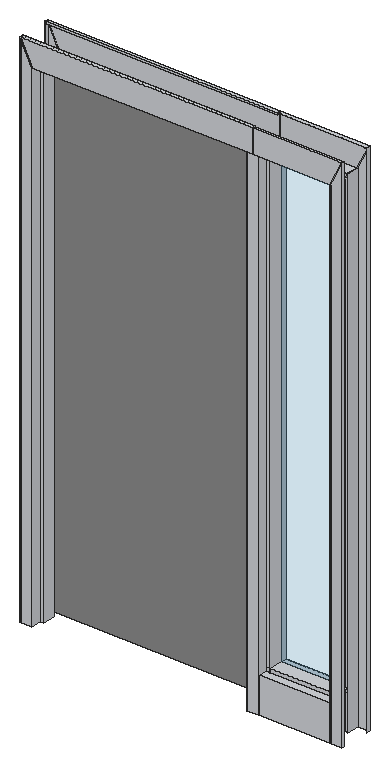
Revit family "Ext-F-MDMF-36 x 84 -18 LSLT-4 Head", category Doors, host Wall, Revit 2014
Parameters (values of type "Ext-F-MDMF-36" x 84"-18"LSLT-4" Head")
  Width = Door Panel Width  # 3' - 0"
  Wall Thickness [instance] = 0' - 5 3/4"
  URL = ""
  Type Comments = "EXT,"
  Thickness = 0' - 1 3/4"
  Swing Angle [instance] = 90.00°
  Sidelite Width = P1 Width - 0' 2"  # 1' - 0"
  SDI RO Spacing = 0' - 0"
  SDI Panel 1 Width = Leaf Width + 0' 0 3/16"  # 3' - 0"
  SDI No Panels = ""
  SDI Left Sidelite Width = Sidelite Width  # 1' - 0"
  SDI HW Set [instance] = ""
  SDI HW Item LO-2 [instance] = ""
  SDI HW Item LO-1 [instance] = ""
  SDI HW Item KP-2 [instance] = ""
  SDI HW Item KP-1 [instance] = ""
  SDI HW Item HI-2 [instance] = ""
  SDI HW Item HI-1 [instance] = ""
  SDI HW Item HC-2 [instance] = ""
  SDI HW Item HC-1 [instance] = ""
  SDI HW Item ED-2 [instance] = ""
  SDI HW Item ED-1 [instance] = ""
  SDI HW Item DO-2 [instance] = ""
  SDI HW Item DO-1 [instance] = ""
  SDI HW Item CL-2 [instance] = ""
  SDI HW Item CL-1 [instance] = ""
  SDI Glass Material = Glass
  SDI Frame Type = "Left Sidelite"
  SDI Frame Sill Width = 0' - 6"
  SDI Frame Material Type = "Hollow Metal"
  SDI Frame Material = Paint - Generic - Prime
  SDI Frame Manufacturer = ""
  SDI Frame Jamb Width = 0' - 2"
  SDI Frame Head Width = 0' - 4"
  SDI Frame Finish Type = "Painted"
  SDI Frame Finish Color = "Prime"
  SDI Frame Depth [instance] = 0' - 5 3/4"
  SDI Family Version = "1.0"
  SDI Door Panel Type = "F"
  SDI Door Material Type = "Hollow Metal"
  SDI Door Material = Paint - Generic - Prime
  SDI Door Manufacturer = ""
  SDI Door Finish Type = "Painted"
  SDI Door Finish Color = "Prime"
  SDI Door Configuration = "SG"
  SDI Arch Frame Type [instance] = ""
  SDI Arch Frame Material Type [instance] = "HM"
  SDI Arch Door Panel Type [instance] = "F"
  SDI Arch Door Material Type [instance] = "HM"
  SDI Adjacent Wall Placement = 0' - 4"
  Rough Width = Frame Width - 0' 0" + 2 * SDI RO Spacing  # 4' - 6"
  Rough Height = Frame Height - 0' 0" + SDI RO Spacing  # 7' - 4"
  R1 Height = 7' - 2"
  P2 Width = 3' - 2"
  P1 Width = 1' - 2"
  Model = "Ext-F-MDMF-36\" x 84\"-18\"LSLT-4\" Head"
  Manufacturer = ""
  Leaf Width = P2 Width - 0' 2 3/16"  # 2' - 11 13/16"
  Height = Door Panel Height  # 7' - 0"
  Glass Offset [instance] = 0' 2 1/16" + (SDI Frame Depth - 0' 5 3/4") / 2  # 0' - 2 1/16"
  Function = Exterior
  Frame Width = P1 Width + P2 Width + 0' 2"  # 4' - 6"
  Frame Offset [instance] = if(Aligned Exterior, SDI Frame Depth / 2, if(Aligned Center, Wall Thickness / 2, if(Aligned Interior, Wall Thickness - SDI Frame Depth + SDI Frame Depth / 2, Aligned Other)))  # 0' - 2 7/8"
  Frame Height = R1 Height + 0' 2"  # 7' - 4"
  Fire Rating = ""
  Exterior Glazing [instance] = no
  Door Panel Width = P2 Width - 0' 2"  # 3' - 0"
  Door Panel Height = R1 Height + 0' 2" - (0' 4")  # 7' - 0"
  Door Offset [instance] = 0' 2 13/16" + (SDI Frame Depth - 0' 5 3/4") / 2  # 0' - 2 13/16"
  Description = "Hollow Metal Door with Hollow Metal Frame"
  Cost = 0
  Assembly Code = "B2030220"
  Analytic Construction = "<None>"
  Aligned Other [instance] = 0' - 0"
  Aligned Interior [instance] = no
  Aligned Exterior [instance] = yes
  Aligned Center [instance] = no
  ADA Clearance Lines = no
Reference planes (in)
  plane 1: y = 0
  plane 2 "Center (Left/Right)": x = 0
  plane 3 "Wall Edge": y = 2.875
  plane 4 "Wall Interior": y = -2.875
  plane 5 "ModelRefLevel": z = 0
  plane 6 "FrameDepthPlane": y = 0
  plane 7 "FrameFront": y = 2.875
  plane 8 "FrameBack": y = -2.875
  plane 9 "V0": x = 26
  plane 10 "V1": x = 12
  plane 11 "V2": x = -26
  plane 12 "H0": z = 1
  plane 13 "H1": z = 87
  plane 14 "InTermLeftJamb0": x = 25
  plane 15 "OutTermLeftJamb0": x = 27
  plane 16 "OutsideJamb1": x = 11
  plane 17 "InsideJamb1": x = 13
  plane 18 "InTermRightJamb2": x = -25
  plane 19 "OutTermRightJamb2": x = -27
  plane 20 "D0.151041666666667": y = 1.0625
  plane 21 "D0.109375": y = 1.5625
  plane 22 "DoorLeft": x = 11
  plane 23 "DoorRight": x = -25
  plane 24 "DoorCenter": x = -7
  plane 25 "DoorTop": z = 83.875
  plane 26 "DoorCenterTB": z = 41.9375
  plane 27 "DoorExtFace": y = 2.8125
  plane 28 "DoorGlassFace": y = 2.0625
  plane 29 "LockCenterLine": z = 41.3125
  plane 30 "ActDoorRight": x = -24.90625
  plane 31 "SwingClrPlane": y = 62.875
  plane 32 "SwingPartialPlane": y = 50.875
  plane 33 "LeftAdjWall": x = 31
Forms (in)
  Extrusion 1, solid
    sketch origin (145.6875, 0, 44) x (-1, 0, 0) y (0, -1, 0)
      loop
        line (118.6875, -2.375) -> (118.6875, -2.875) -> (120.6875, -2.875) -> (120.6875, -0.9375) -> (121.3125, -0.9375) -> (121.3125, 1.3125) -> (120.6875, 1.3125) -> (120.6875, 2.875) -> (118.6875, 2.875) -> (118.6875, 2.4375) -> (118.75, 2.4375) -> (118.75, 2.8125) -> (120.625, 2.8125) -> (120.625, 1.25) -> (121.25, 1.25) -> (121.25, -0.875) -> (120.625, -0.875) -> (120.625, -2.8125) -> (118.75, -2.8125) -> (118.75, -2.375) -> (118.6875, -2.375)
    from -44 to 44
  Extrusion 2, void
    sketch origin (0, 2.875, 0) x (1, 0, 0) y (0, 0, 1)
      loop
        line (27, 88) -> (24.375, 88) -> (24.375, 82.75) -> (27, 88)
    from -12 to 12
  Extrusion 3, solid
    sketch origin (132, 0, 42) x (-1, 0, 0) y (0, -1, 0)
      loop
        line (119, -2.875) -> (121, -2.875) -> (121, -0.9375) -> (121.625, -0.9375) -> (121.625, 1.3125) -> (121, 1.3125) -> (121, 2.875) -> (119, 2.875) -> (119, 1.3125) -> (118.375, 1.3125) -> (118.375, -0.9375) -> (119, -0.9375) -> (119, -2.875)
      loop
        line (119.0625, -2.8125) -> (120.9375, -2.8125) -> (120.9375, -0.875) -> (121.5625, -0.875) -> (121.5625, 1.25) -> (120.9375, 1.25) -> (120.9375, 2.8125) -> (119.0625, 2.8125) -> (119.0625, 1.25) -> (118.4375, 1.25) -> (118.4375, -0.875) -> (119.0625, -0.875) -> (119.0625, -2.8125)
    from -42 to 42
  Extrusion 4, solid
    sketch origin (94.3125, 0, 44) x (-1, 0, 0) y (0, -1, 0)
      loop
        line (121.25, -2.375) -> (121.25, -2.8125) -> (119.375, -2.8125) -> (119.375, -0.875) -> (118.75, -0.875) -> (118.75, 1.25) -> (119.375, 1.25) -> (119.375, 2.8125) -> (121.25, 2.8125) -> (121.25, 2.4375) -> (121.3125, 2.4375) -> (121.3125, 2.875) -> (119.3125, 2.875) -> (119.3125, 1.3125) -> (118.6875, 1.3125) -> (118.6875, -0.9375) -> (119.3125, -0.9375) -> (119.3125, -2.875) -> (121.3125, -2.875) -> (121.3125, -2.375) -> (121.25, -2.375)
    from -44 to 44
  Extrusion 5, void
    sketch origin (0, 2.875, 0) x (1, 0, 0) y (0, 0, 1)
      loop
        line (-27, 88) -> (-24.375, 82.75) -> (-24.375, 88) -> (-27, 88)
    from -12 to 12
  Extrusion 6, solid
    sketch origin (19, 0, 3.3125) x (0, 1, 0) y (0, 0, 1)
      loop
        line (2.375, -3.3125) -> (2.875, -3.3125) -> (2.875, 2.6875) -> (0.9375, 2.6875) -> (0.9375, 3.3125) -> (-1.3125, 3.3125) -> (-1.3125, 2.6875) -> (-2.875, 2.6875) -> (-2.875, -3.3125) -> (-2.4375, -3.3125) -> (-2.4375, -3.25) -> (-2.8125, -3.25) -> (-2.8125, 2.625) -> (-1.25, 2.625) -> (-1.25, 3.25) -> (0.875, 3.25) -> (0.875, 2.625) -> (2.8125, 2.625) -> (2.8125, -3.25) -> (2.375, -3.25) -> (2.375, -3.3125)
    from -6 to 6
  Extrusion 7, solid
    sketch origin (19.5, 0, 85.6875) x (0, 1, 0) y (0, 0, 1)
      loop
        line (2.375, 2.25) -> (2.8125, 2.25) -> (2.8125, -1.625) -> (0.875, -1.625) -> (0.875, -2.25) -> (-1.25, -2.25) -> (-1.25, -1.625) -> (-2.8125, -1.625) -> (-2.8125, 2.25) -> (-2.4375, 2.25) -> (-2.4375, 2.3125) -> (-2.875, 2.3125) -> (-2.875, -1.6875) -> (-1.3125, -1.6875) -> (-1.3125, -2.3125) -> (0.9375, -2.3125) -> (0.9375, -1.6875) -> (2.875, -1.6875) -> (2.875, 2.3125) -> (2.375, 2.3125) -> (2.375, 2.25)
    from -7.5 to 7.5
  Extrusion 8, void
    sketch origin (0, 2.875, 0) x (1, 0, 0) y (0, 0, 1)
      loop
        line (27, 88) -> (24.6875, 83.375) -> (27, 83.375) -> (27, 88)
    from -12 to 12
  Extrusion 9, solid
    sketch origin (-7.5, 0, 85.6875) x (0, 1, 0) y (0, 0, 1)
      loop
        line (2.4375, 1.9375) -> (2.4375, 2.25) -> (2.8125, 2.25) -> (2.8125, -1.625) -> (0.875, -1.625) -> (0.875, -2.25) -> (-1.25, -2.25) -> (-1.25, -1.625) -> (-2.8125, -1.625) -> (-2.8125, 2.25) -> (-2.4375, 2.25) -> (-2.4375, 1.9375) -> (-2.375, 1.9375) -> (-2.375, 2.3125) -> (-2.875, 2.3125) -> (-2.875, -1.6875) -> (-1.3125, -1.6875) -> (-1.3125, -2.3125) -> (0.9375, -2.3125) -> (0.9375, -1.6875) -> (2.875, -1.6875) -> (2.875, 2.3125) -> (2.375, 2.3125) -> (2.375, 1.9375) -> (2.4375, 1.9375)
    from -19.5 to 19.5
  Extrusion 10, void
    sketch origin (0, 2.875, 0) x (1, 0, 0) y (0, 0, 1)
      loop
        line (-27, 88) -> (-27, 83.375) -> (-24.6875, 83.375) -> (-27, 88)
    from -12 to 12
  Extrusion 11, solid, material "Glass" <- "SDI Glass Material"
    sketch origin (-60, 1.0625, -12) x (1, 0, 0) y (0, 0, 1)
      loop
        line (85, 18) -> (85, 96) -> (73, 96) -> (73, 18) -> (85, 18)
    from -0.125 to 0.125
  Extrusion 12, solid, material "Glass" <- "SDI Glass Material", visible <- "Exterior Glazing"
    sketch origin (-60, 1.5625, -12) x (1, 0, 0) y (0, 0, 1)
      loop
        line (85, 18) -> (85, 96) -> (73, 96) -> (73, 18) -> (85, 18)
    from -0.125 to 0.125
  Extrusion 13, solid, material "Paint - Generic - Prime" <- "SDI Door Material"
    sketch origin (-60, 2.8125, -12) x (1, 0, 0) y (0, 0, 1)
      loop
        line (35.09375, 12.625) -> (70.90625, 12.625) -> (70.90625, 95.875) -> (35.09375, 95.875) -> (35.09375, 12.625)
    from 0 to 1.75
Cuts and joins
  Extrusion 2 cuts Extrusion 1
  Extrusion 5 cuts Extrusion 4
  Extrusion 8 cuts Extrusion 7
  Extrusion 10 cuts Extrusion 9
Lines and regions (in)
  Opening 1
    outline origin (-60, -2.875, 0) x (1, 0, 0) y (0, 0, 1)
      loop
        line (87, 0) -> (87, 88) -> (33, 88) -> (33, 0) -> (87, 0)
  symbolic lines, style "DoorsFrameMullionProjection", detail levels fine
    curve 1: line (27, 2.375, 0) -> (27, 2.875, 0)
    curve 2: line (27, 2.875, 0) -> (25, 2.875, 0)
    curve 3: line (25, 2.875, 0) -> (25, 0.9375, 0)
    curve 4: line (25, 0.9375, 0) -> (24.375, 0.9375, 0)
    curve 5: line (24.375, 0.9375, 0) -> (24.375, -1.3125, 0)
    curve 6: line (24.375, -1.3125, 0) -> (25, -1.3125, 0)
    curve 7: line (25, -1.3125, 0) -> (25, -2.875, 0)
    curve 8: line (25, -2.875, 0) -> (27, -2.875, 0)
    curve 9: line (27, -2.875, 0) -> (27, -2.4375, 0)
    curve 10: line (27, -2.4375, 0) -> (26.9375, -2.4375, 0)
    curve 11: line (26.9375, -2.4375, 0) -> (26.9375, -2.8125, 0)
    curve 12: line (26.9375, -2.8125, 0) -> (25.0625, -2.8125, 0)
    curve 13: line (25.0625, -2.8125, 0) -> (25.0625, -1.25, 0)
    curve 14: line (25.0625, -1.25, 0) -> (24.4375, -1.25, 0)
    curve 15: line (24.4375, -1.25, 0) -> (24.4375, 0.875, 0)
    curve 16: line (24.4375, 0.875, 0) -> (25.0625, 0.875, 0)
    curve 17: line (25.0625, 0.875, 0) -> (25.0625, 2.8125, 0)
    curve 18: line (25.0625, 2.8125, 0) -> (26.9375, 2.8125, 0)
    curve 19: line (26.9375, 2.8125, 0) -> (26.9375, 2.375, 0)
    curve 20: line (26.9375, 2.375, 0) -> (27, 2.375, 0)
    curve 25: line (13, 2.875, 0) -> (11, 2.875, 0)
    curve 26: line (11, 2.875, 0) -> (11, 0.9375, 0)
    curve 27: line (11, 0.9375, 0) -> (10.375, 0.9375, 0)
    curve 28: line (10.375, 0.9375, 0) -> (10.375, -1.3125, 0)
    curve 29: line (10.375, -1.3125, 0) -> (11, -1.3125, 0)
    curve 30: line (11, -1.3125, 0) -> (11, -2.875, 0)
    curve 31: line (11, -2.875, 0) -> (13, -2.875, 0)
    curve 32: line (13, -2.875, 0) -> (13, -1.3125, 0)
    curve 33: line (13, -1.3125, 0) -> (13.625, -1.3125, 0)
    curve 34: line (13.625, -1.3125, 0) -> (13.625, 0.9375, 0)
    curve 35: line (13.625, 0.9375, 0) -> (13, 0.9375, 0)
    curve 36: line (13, 0.9375, 0) -> (13, 2.875, 0)
    curve 37: line (12.9375, 2.8125, 0) -> (11.0625, 2.8125, 0)
    curve 38: line (11.0625, 2.8125, 0) -> (11.0625, 0.875, 0)
    curve 39: line (11.0625, 0.875, 0) -> (10.4375, 0.875, 0)
    curve 40: line (10.4375, 0.875, 0) -> (10.4375, -1.25, 0)
    curve 41: line (10.4375, -1.25, 0) -> (11.0625, -1.25, 0)
    curve 42: line (11.0625, -1.25, 0) -> (11.0625, -2.8125, 0)
    curve 43: line (11.0625, -2.8125, 0) -> (12.9375, -2.8125, 0)
    curve 44: line (12.9375, -2.8125, 0) -> (12.9375, -1.25, 0)
    curve 45: line (12.9375, -1.25, 0) -> (13.5625, -1.25, 0)
    curve 46: line (13.5625, -1.25, 0) -> (13.5625, 0.875, 0)
    curve 47: line (13.5625, 0.875, 0) -> (12.9375, 0.875, 0)
    curve 48: line (12.9375, 0.875, 0) -> (12.9375, 2.8125, 0)
    curve 53: line (-26.9375, 2.375, 0) -> (-26.9375, 2.8125, 0)
    curve 54: line (-26.9375, 2.8125, 0) -> (-25.0625, 2.8125, 0)
    curve 55: line (-25.0625, 2.8125, 0) -> (-25.0625, 0.875, 0)
    curve 56: line (-25.0625, 0.875, 0) -> (-24.4375, 0.875, 0)
    curve 57: line (-24.4375, 0.875, 0) -> (-24.4375, -1.25, 0)
    curve 58: line (-24.4375, -1.25, 0) -> (-25.0625, -1.25, 0)
    curve 59: line (-25.0625, -1.25, 0) -> (-25.0625, -2.8125, 0)
    curve 60: line (-25.0625, -2.8125, 0) -> (-26.9375, -2.8125, 0)
    curve 61: line (-26.9375, -2.8125, 0) -> (-26.9375, -2.4375, 0)
    curve 62: line (-26.9375, -2.4375, 0) -> (-27, -2.4375, 0)
    curve 63: line (-27, -2.4375, 0) -> (-27, -2.875, 0)
    curve 64: line (-27, -2.875, 0) -> (-25, -2.875, 0)
    curve 65: line (-25, -2.875, 0) -> (-25, -1.3125, 0)
    curve 66: line (-25, -1.3125, 0) -> (-24.375, -1.3125, 0)
    curve 67: line (-24.375, -1.3125, 0) -> (-24.375, 0.9375, 0)
    curve 68: line (-24.375, 0.9375, 0) -> (-25, 0.9375, 0)
    curve 69: line (-25, 0.9375, 0) -> (-25, 2.875, 0)
    curve 70: line (-25, 2.875, 0) -> (-27, 2.875, 0)
    curve 71: line (-27, 2.875, 0) -> (-27, 2.375, 0)
    curve 72: line (-27, 2.375, 0) -> (-26.9375, 2.375, 0)
  symbolic lines, style "DoorsFrameMullionProjection", detail levels coarse+medium
    curve 21: line (25, -2.875, 0) -> (27, -2.875, 0)
    curve 22: line (25, 2.875, 0) -> (27, 2.875, 0)
    curve 23: line (25, -2.875, 0) -> (25, 2.875, 0)
    curve 24: line (27, -2.875, 0) -> (27, 2.875, 0)
    curve 49: line (11, -2.875, 0) -> (13, -2.875, 0)
    curve 50: line (11, 2.875, 0) -> (13, 2.875, 0)
    curve 51: line (11, -2.875, 0) -> (11, 2.875, 0)
    curve 52: line (13, -2.875, 0) -> (13, 2.875, 0)
    curve 73: line (-27, -2.875, 0) -> (-25, -2.875, 0)
    curve 74: line (-27, 2.875, 0) -> (-25, 2.875, 0)
    curve 75: line (-27, -2.875, 0) -> (-27, 2.875, 0)
    curve 76: line (-25, -2.875, 0) -> (-25, 2.875, 0)
  symbolic lines, style "Elevation Swing"
    curve 77: line (10.90625, 2.875, 83.875) -> (-24.90625, 2.875, 41.9375)
    curve 78: line (10.90625, 2.875, 0) -> (-24.90625, 2.875, 41.9375)
  symbolic lines, style "ADA Clearance", visible <- "ADA Clearance Lines"
    curve 79: line (-27, 2.875, 0) -> (-27, 62.875, 0)
    curve 80: line (29, 62.875, 0) -> (-27, 62.875, 0)
    curve 81: line (29, 50.875, 0) -> (-27, 50.875, 0)
    curve 82: line (29, 2.875, 0) -> (29, 62.875, 0)
    curve 83: line (-27, -2.875, 0) -> (-27, -50.875, 0)
    curve 84: line (23, -50.875, 0) -> (-27, -50.875, 0)
    curve 85: line (23, -2.875, 0) -> (23, -50.875, 0)
Text (in)
  text "Placement Side" at (0, 40.15149, 123.01588), in view "Right"
  text "Placement Side" at (-70.3804, 28.46503, 0), in view "Ref. Level"
  text "Placement Side" at (0, 81.62555, 140.59947), in view "Left"
Dimensions and locks (in)
  locked: plane 3 "Wall Edge" to host wall
  equal spacing: host wall, plane 2 "Center (Left/Right)", host wall
  "Rough Width": host wall to host wall
  "Rough Height": level to host wall
  equal spacing: plane 3 "Wall Edge", plane 1, plane 4 "Wall Interior"
  "Wall Thickness": host wall to host wall
  "Frame Offset": plane 3 "Wall Edge" to plane 6 "FrameDepthPlane"
  equal spacing: plane 7 "FrameFront", plane 6 "FrameDepthPlane", plane 8 "FrameBack"
  "SDI Frame Depth": plane 7 "FrameFront" to plane 8 "FrameBack"
  equal spacing: plane 9 "V0", plane 2 "Center (Left/Right)", plane 11 "V2"
  "P1 Width": plane 9 "V0" to plane 10 "V1"
  "P2 Width": plane 10 "V1" to plane 11 "V2"
  "R1 Height": plane 12 "H0" to plane 13 "H1"
  locked: plane 13 "H1" to Extrusion 1 at 1
  locked: plane 12 "H0" to Extrusion 1 at 1
  locked: plane 9 "V0" to Extrusion 1 at 1  (x4)
  locked: plane 9 "V0" to Extrusion 1 at 0.9375  (x5)
  locked: plane 9 "V0" to Extrusion 1 at 1.5625
  locked: plane 9 "V0" to Extrusion 1 at 1.625
  locked: plane 9 "V0" to curve 1 at 1
  locked: plane 9 "V0" to curve 2 at 1
  locked: plane 9 "V0" to curve 3 at 1
  locked: plane 9 "V0" to curve 4 at 1
  locked: plane 9 "V0" to curve 5 at 1.625
  locked: plane 9 "V0" to curve 6 at 1.625
  locked: plane 9 "V0" to curve 7 at 1
  locked: plane 9 "V0" to curve 8 at 1
  locked: plane 9 "V0" to curve 9 at 1
  locked: plane 9 "V0" to curve 10 at 1
  locked: plane 9 "V0" to curve 11 at 0.9375
  locked: plane 9 "V0" to curve 12 at 0.9375
  locked: plane 9 "V0" to curve 13 at 0.9375
  locked: plane 9 "V0" to curve 14 at 0.9375
  locked: plane 9 "V0" to curve 15 at 1.5625
  locked: plane 9 "V0" to curve 16 at 1.5625
  locked: plane 9 "V0" to curve 17 at 0.9375
  locked: plane 9 "V0" to curve 18 at 0.9375
  locked: plane 9 "V0" to curve 19 at 0.9375
  locked: plane 9 "V0" to curve 20 at 0.9375
  locked: plane 9 "V0" to plane 15 "OutTermLeftJamb0" at 1
  locked: plane 9 "V0" to plane 14 "InTermLeftJamb0" at 1
  locked: plane 9 "V0" to curve 21 at 1
  locked: plane 9 "V0" to curve 22 at 1
  locked: plane 9 "V0" to curve 23 at 1
  locked: plane 9 "V0" to curve 24 at 1
  locked: plane 13 "H1" to Extrusion 3 at 3
  locked: plane 12 "H0" to Extrusion 3 at 1
  locked: plane 10 "V1" to Extrusion 3 at 1  (x5)
  locked: plane 10 "V1" to Extrusion 3 at 1.625  (x2)
  locked: plane 10 "V1" to Extrusion 3 at 0.9375  (x4)
  locked: plane 10 "V1" to Extrusion 3 at 1.5625  (x2)
  locked: plane 10 "V1" to curve 25 at 1
  locked: plane 10 "V1" to curve 26 at 1
  locked: plane 10 "V1" to curve 27 at 1
  locked: plane 10 "V1" to curve 28 at 1.625
  locked: plane 10 "V1" to curve 29 at 1.625
  locked: plane 10 "V1" to curve 30 at 1
  locked: plane 10 "V1" to curve 31 at 1
  locked: plane 10 "V1" to curve 32 at 1
  locked: plane 10 "V1" to curve 33 at 1
  locked: plane 10 "V1" to curve 34 at 1.625
  locked: plane 10 "V1" to curve 35 at 1.625
  locked: plane 10 "V1" to curve 36 at 1
  locked: plane 10 "V1" to curve 37 at 0.9375
  locked: plane 10 "V1" to curve 38 at 0.9375
  locked: plane 10 "V1" to curve 39 at 0.9375
  locked: plane 10 "V1" to curve 40 at 1.5625
  locked: plane 10 "V1" to curve 41 at 1.5625
  locked: plane 10 "V1" to curve 42 at 0.9375
  locked: plane 10 "V1" to curve 43 at 0.9375
  locked: plane 10 "V1" to curve 44 at 0.9375
  locked: plane 10 "V1" to curve 45 at 0.9375
  locked: plane 10 "V1" to curve 46 at 1.5625
  locked: plane 10 "V1" to curve 47 at 1.5625
  locked: plane 10 "V1" to curve 48 at 0.9375
  locked: plane 10 "V1" to plane 16 "OutsideJamb1" at 1
  locked: plane 10 "V1" to plane 17 "InsideJamb1" at 1
  locked: plane 10 "V1" to curve 49 at 1
  locked: plane 10 "V1" to curve 50 at 1
  locked: plane 10 "V1" to curve 51 at 1
  locked: plane 10 "V1" to curve 52 at 1
  locked: plane 13 "H1" to Extrusion 4 at 1
  locked: plane 12 "H0" to Extrusion 4 at 1
  locked: plane 11 "V2" to Extrusion 4 at 0.9375  (x4)
  locked: plane 11 "V2" to Extrusion 4 at 1  (x5)
  locked: plane 11 "V2" to Extrusion 4 at 1.625
  locked: plane 11 "V2" to Extrusion 4 at 1.5625
  locked: plane 11 "V2" to curve 53 at 0.9375
  locked: plane 11 "V2" to curve 54 at 0.9375
  locked: plane 11 "V2" to curve 55 at 0.9375
  locked: plane 11 "V2" to curve 56 at 0.9375
  locked: plane 11 "V2" to curve 57 at 1.5625
  locked: plane 11 "V2" to curve 58 at 1.5625
  locked: plane 11 "V2" to curve 59 at 0.9375
  locked: plane 11 "V2" to curve 60 at 0.9375
  locked: plane 11 "V2" to curve 61 at 0.9375
  locked: plane 11 "V2" to curve 62 at 0.9375
  locked: plane 11 "V2" to curve 63 at 1
  locked: plane 11 "V2" to curve 64 at 1
  locked: plane 11 "V2" to curve 65 at 1
  locked: plane 11 "V2" to curve 66 at 1
  locked: plane 11 "V2" to curve 67 at 1.625
  locked: plane 11 "V2" to curve 68 at 1.625
  locked: plane 11 "V2" to curve 69 at 1
  locked: plane 11 "V2" to curve 70 at 1
  locked: plane 11 "V2" to curve 71 at 1
  locked: plane 11 "V2" to curve 72 at 1
  locked: plane 11 "V2" to plane 18 "InTermRightJamb2" at 1
  locked: plane 11 "V2" to plane 19 "OutTermRightJamb2" at 1
  locked: plane 11 "V2" to curve 73 at 1
  locked: plane 11 "V2" to curve 74 at 1
  locked: plane 11 "V2" to curve 75 at 1
  locked: plane 11 "V2" to curve 76 at 1
  locked: plane 9 "V0" to Extrusion 6 at 1
  locked: plane 10 "V1" to Extrusion 6 at 1
  locked: plane 12 "H0" to Extrusion 6 at 5  (x2)
  locked: plane 12 "H0" to Extrusion 6 at 5.625
  locked: plane 12 "H0" to Extrusion 6 at 0.9375  (x2)
  locked: plane 12 "H0" to Extrusion 6 at 1  (x3)
  locked: plane 12 "H0" to Extrusion 6 at 4.9375  (x2)
  locked: plane 12 "H0" to Extrusion 6 at 5.5625
  locked: plane 9 "V0" to Extrusion 7 at 1
  locked: plane 13 "H1" to Extrusion 7 at 2.9375  (x2)
  locked: plane 13 "H1" to Extrusion 7 at 3.5625
  locked: plane 13 "H1" to Extrusion 7 at 1  (x2)
  locked: plane 13 "H1" to Extrusion 7 at 0.9375  (x3)
  locked: plane 13 "H1" to Extrusion 7 at 3  (x2)
  locked: plane 13 "H1" to Extrusion 7 at 3.625
  locked: plane 11 "V2" to Extrusion 9 at 1
  locked: plane 13 "H1" to Extrusion 9 at 2.9375  (x2)
  locked: plane 13 "H1" to Extrusion 9 at 3.5625
  locked: plane 13 "H1" to Extrusion 9 at 1  (x2)
  locked: plane 13 "H1" to Extrusion 9 at 0.9375  (x3)
  locked: plane 13 "H1" to Extrusion 9 at 0.625  (x2)
  locked: plane 13 "H1" to Extrusion 9 at 3  (x2)
  locked: plane 13 "H1" to Extrusion 9 at 3.625
  locked: plane 7 "FrameFront" to cut or joined group of Extrusion 1, Extrusion 2 at 1.9375
  locked: plane 7 "FrameFront" to cut or joined group of Extrusion 1, Extrusion 2 at 2
  locked: plane 7 "FrameFront" to cut or joined group of Extrusion 1, Extrusion 2 at 0.0625
  locked: plane 7 "FrameFront" to cut or joined group of Extrusion 1, Extrusion 2 at 0.5
  locked: plane 8 "FrameBack" to cut or joined group of Extrusion 1, Extrusion 2 at 1.5625
  locked: plane 8 "FrameBack" to cut or joined group of Extrusion 1, Extrusion 2 at 0.4375
  locked: plane 8 "FrameBack" to cut or joined group of Extrusion 1, Extrusion 2 at 0.0625
  locked: plane 8 "FrameBack" to cut or joined group of Extrusion 1, Extrusion 2 at 1.625
  locked: plane 7 "FrameFront" to Extrusion 3 at 1.9375  (x2)
  locked: plane 7 "FrameFront" to Extrusion 3 at 0.0625
  locked: plane 7 "FrameFront" to Extrusion 3 at 2  (x2)
  locked: plane 8 "FrameBack" to Extrusion 3 at 1.5625  (x2)
  locked: plane 8 "FrameBack" to Extrusion 3 at 1.625  (x2)
  locked: plane 8 "FrameBack" to Extrusion 3 at 0.0625
  locked: plane 7 "FrameFront" to cut or joined group of Extrusion 4, Extrusion 5 at 0.0625
  locked: plane 7 "FrameFront" to cut or joined group of Extrusion 4, Extrusion 5 at 2
  locked: plane 7 "FrameFront" to cut or joined group of Extrusion 4, Extrusion 5 at 1.9375
  locked: plane 7 "FrameFront" to cut or joined group of Extrusion 4, Extrusion 5 at 0.5
  locked: plane 8 "FrameBack" to cut or joined group of Extrusion 4, Extrusion 5 at 1.625
  locked: plane 8 "FrameBack" to cut or joined group of Extrusion 4, Extrusion 5 at 0.0625
  locked: plane 8 "FrameBack" to cut or joined group of Extrusion 4, Extrusion 5 at 0.4375
  locked: plane 8 "FrameBack" to cut or joined group of Extrusion 4, Extrusion 5 at 1.5625
  locked: plane 7 "FrameFront" to Extrusion 6 at 1.9375
  locked: plane 7 "FrameFront" to Extrusion 6 at 2
  locked: plane 7 "FrameFront" to Extrusion 6 at 0.0625
  locked: plane 7 "FrameFront" to Extrusion 6 at 0.5
  locked: plane 8 "FrameBack" to Extrusion 6 at 1.5625
  locked: plane 8 "FrameBack" to Extrusion 6 at 0.4375
  locked: plane 8 "FrameBack" to Extrusion 6 at 0.0625
  locked: plane 8 "FrameBack" to Extrusion 6 at 1.625
  locked: plane 7 "FrameFront" to cut or joined group of Extrusion 7, Extrusion 8 at 0.0625
  locked: plane 7 "FrameFront" to cut or joined group of Extrusion 7, Extrusion 8 at 2
  locked: plane 7 "FrameFront" to cut or joined group of Extrusion 7, Extrusion 8 at 1.9375
  locked: plane 7 "FrameFront" to cut or joined group of Extrusion 7, Extrusion 8 at 0.5
  locked: plane 8 "FrameBack" to cut or joined group of Extrusion 7, Extrusion 8 at 1.625
  locked: plane 8 "FrameBack" to cut or joined group of Extrusion 7, Extrusion 8 at 0.0625
  locked: plane 8 "FrameBack" to cut or joined group of Extrusion 7, Extrusion 8 at 0.4375
  locked: plane 8 "FrameBack" to cut or joined group of Extrusion 7, Extrusion 8 at 1.5625
  locked: plane 7 "FrameFront" to cut or joined group of Extrusion 9, Extrusion 10 at 0.0625
  locked: plane 7 "FrameFront" to cut or joined group of Extrusion 9, Extrusion 10 at 2
  locked: plane 7 "FrameFront" to cut or joined group of Extrusion 9, Extrusion 10 at 1.9375
  locked: plane 7 "FrameFront" to cut or joined group of Extrusion 9, Extrusion 10 at 0.5
  locked: plane 7 "FrameFront" to cut or joined group of Extrusion 9, Extrusion 10 at 0.4375
  locked: plane 8 "FrameBack" to cut or joined group of Extrusion 9, Extrusion 10 at 1.625
  locked: plane 8 "FrameBack" to cut or joined group of Extrusion 9, Extrusion 10 at 0.0625
  locked: plane 8 "FrameBack" to cut or joined group of Extrusion 9, Extrusion 10 at 0.4375
  locked: plane 8 "FrameBack" to cut or joined group of Extrusion 9, Extrusion 10 at 0.5
  locked: plane 8 "FrameBack" to cut or joined group of Extrusion 9, Extrusion 10 at 1.5625
  locked: plane 7 "FrameFront" to curve 4 at 1.9375
  locked: plane 7 "FrameFront" to curve 16 at 2
  locked: plane 7 "FrameFront" to curve 18 at 0.0625
  locked: plane 7 "FrameFront" to curve 20 at 0.5
  locked: plane 7 "FrameFront" to curve 27 at 1.9375
  locked: plane 7 "FrameFront" to curve 35 at 1.9375
  locked: plane 7 "FrameFront" to curve 37 at 0.0625
  locked: plane 7 "FrameFront" to curve 39 at 2
  locked: plane 7 "FrameFront" to curve 47 at 2
  locked: plane 7 "FrameFront" to curve 54 at 0.0625
  locked: plane 7 "FrameFront" to curve 56 at 2
  locked: plane 7 "FrameFront" to curve 68 at 1.9375
  locked: plane 7 "FrameFront" to curve 72 at 0.5
  locked: plane 8 "FrameBack" to curve 6 at 1.5625
  locked: plane 8 "FrameBack" to curve 10 at 0.4375
  locked: plane 8 "FrameBack" to curve 12 at 0.0625
  locked: plane 8 "FrameBack" to curve 14 at 1.625
  locked: plane 8 "FrameBack" to curve 29 at 1.5625
  locked: plane 8 "FrameBack" to curve 33 at 1.5625
  locked: plane 8 "FrameBack" to curve 41 at 1.625
  locked: plane 8 "FrameBack" to curve 43 at 0.0625
  locked: plane 8 "FrameBack" to curve 45 at 1.625
  locked: plane 8 "FrameBack" to curve 58 at 1.625
  locked: plane 8 "FrameBack" to curve 60 at 0.0625
  locked: plane 8 "FrameBack" to curve 62 at 0.4375
  locked: plane 8 "FrameBack" to curve 66 at 1.5625
  locked: plane 7 "FrameFront" to Extrusion 11 at 1.9375
  locked: plane 7 "FrameFront" to Extrusion 11 at 1.6875
  locked: plane 7 "FrameFront" to Extrusion 12 at 1.4375
  locked: plane 7 "FrameFront" to Extrusion 12 at 1.1875
  locked: plane 10 "V1" to plane 22 "DoorLeft" at 1
  locked: plane 11 "V2" to plane 23 "DoorRight" at 1
  locked: plane 13 "H1" to plane 25 "DoorTop" at 3.125
  equal spacing: plane 25 "DoorTop", plane 26 "DoorCenterTB", plane 5 "ModelRefLevel"
  "Door Offset": plane 6 "FrameDepthPlane" to plane 27 "DoorExtFace"
  "Glass Offset": plane 6 "FrameDepthPlane" to plane 28 "DoorGlassFace"
  locked: plane 29 "LockCenterLine" to plane 5 "ModelRefLevel" at 41.3125
  locked: Extrusion 13 to Extrusion 13 at 1.75
  locked: plane 22 "DoorLeft" to Extrusion 13 at 0.09375
  locked: plane 23 "DoorRight" to Extrusion 13 at 0.09375
  locked: plane 5 "ModelRefLevel" to Extrusion 13 at 0.625
  locked: plane 23 "DoorRight" to plane 30 "ActDoorRight" at 0.09375
  locked: plane 3 "Wall Edge" to plane 31 "SwingClrPlane" at 60
  locked: plane 3 "Wall Edge" to plane 32 "SwingPartialPlane" at 48
  "SDI Adjacent Wall Placement": plane 15 "OutTermLeftJamb0" to plane 33 "LeftAdjWall"
  aligned and locked: plane 4 "Wall Interior" to host wall
  aligned and locked: Extrusion 7 to plane 10 "V1"
  aligned and locked: plane 10 "V1" to Extrusion 9
  aligned and locked: cut or joined group of Extrusion 1, Extrusion 2 to plane 7 "FrameFront"
  aligned and locked: plane 8 "FrameBack" to cut or joined group of Extrusion 1, Extrusion 2
  aligned and locked: Extrusion 3 to plane 7 "FrameFront"
  aligned and locked: plane 8 "FrameBack" to Extrusion 3
  aligned and locked: cut or joined group of Extrusion 4, Extrusion 5 to plane 7 "FrameFront"
  aligned and locked: plane 8 "FrameBack" to cut or joined group of Extrusion 4, Extrusion 5
  aligned and locked: Extrusion 6 to plane 7 "FrameFront"
  aligned and locked: plane 8 "FrameBack" to Extrusion 6
  aligned and locked: cut or joined group of Extrusion 7, Extrusion 8 to plane 7 "FrameFront"
  aligned and locked: plane 8 "FrameBack" to cut or joined group of Extrusion 7, Extrusion 8
  aligned and locked: cut or joined group of Extrusion 9, Extrusion 10 to plane 7 "FrameFront"
  aligned and locked: plane 8 "FrameBack" to cut or joined group of Extrusion 9, Extrusion 10
  aligned and locked: curve 2 to plane 7 "FrameFront"
  aligned and locked: plane 7 "FrameFront" to curve 22
  aligned and locked: curve 25 to plane 7 "FrameFront"
  aligned and locked: plane 7 "FrameFront" to curve 50
  aligned and locked: curve 70 to plane 7 "FrameFront"
  aligned and locked: plane 7 "FrameFront" to curve 74
  aligned and locked: plane 8 "FrameBack" to curve 8
  aligned and locked: plane 8 "FrameBack" to curve 31
  aligned and locked: plane 8 "FrameBack" to curve 64
  aligned and locked: Extrusion 13 to plane 27 "DoorExtFace"
  aligned and locked: Extrusion 13 to plane 25 "DoorTop"
  aligned and locked: plane 7 "FrameFront" to nested 1
  aligned and locked: plane 30 "ActDoorRight" to nested 1
  aligned and locked: curve 80 to plane 31 "SwingClrPlane"
  aligned and locked: curve 81 to plane 32 "SwingPartialPlane"
Automatic sketch dimensions
  Opening 1 sketch curve to level = 0' - 0"
  Opening 1 sketch curve to plane 2 "Center (Left/Right)" = 2' - 3"
  plane 2 "Center (Left/Right)" to Opening 1 sketch curve = 2' - 3"
  level to Opening 1 sketch curve = 7' - 4"
  Extrusion 2 sketch curve to plane 9 "V0" = 0' - 1 5/8"
  plane 9 "V0" to Extrusion 2 sketch curve = 0' - 1"
  plane 13 "H1" to Extrusion 2 sketch curve = 0' - 4 1/4"
  Extrusion 2 sketch curve to plane 13 "H1" = 0' - 1"
  Extrusion 1 sketch curve to host wall = 0' - 0"
  host wall to Extrusion 1 sketch curve = 0' - 0"
  Extrusion 1 sketch curve to host wall = 0' - 0 1/2"
  plane 2 "Center (Left/Right)" to Extrusion 1 sketch curve = 2' - 3"  (x2)
  Extrusion 1 sketch curve to host wall = 0' - 0 7/16"
  Extrusion 1 sketch curve to Extrusion 1 sketch curve = 0' - 0 1/16"  (x7)
  plane 2 "Center (Left/Right)" to Extrusion 1 sketch curve = 2' - 1 1/16"  (x2)
  Extrusion 1 sketch curve to host wall = 0' - 0 1/16"  (x2)
  Extrusion 1 sketch curve to Extrusion 1 sketch curve = 0' - 0 9/16"
  Extrusion 1 sketch curve to host wall = 0' - 0 15/16"
  host wall to Extrusion 1 sketch curve = 0' - 1 1/4"
  plane 9 "V0" to curve 1 = 0' - 1"
  curve 3 to curve 4 = 0' - 0 5/8"
  curve 7 to plane 9 "V0" = 0' - 1"
  curve 9 to curve 10 = 0' - 0 1/16"
  curve 12 to curve 7 = 0' - 0 1/16"
  curve 14 to curve 5 = 0' - 0 1/16"
  curve 16 to curve 3 = 0' - 0 1/16"
  curve 1 to curve 18 = 0' - 0 1/16"
  Extrusion 3 sketch curve to host wall = 0' - 0"
  host wall to Extrusion 3 sketch curve = 0' - 0"
  plane 2 "Center (Left/Right)" to Extrusion 3 sketch curve = 1' - 1 5/8"
  Extrusion 3 sketch curve to Extrusion 3 sketch curve = 0' - 0 1/16"  (x10)
  plane 2 "Center (Left/Right)" to Extrusion 3 sketch curve = 1' - 1"
  Extrusion 3 sketch curve to Extrusion 3 sketch curve = 0' - 0 9/16"  (x2)
  Extrusion 3 sketch curve to host wall = 0' - 0 1/16"  (x2)
  plane 2 "Center (Left/Right)" to Extrusion 3 sketch curve = 0' - 11 1/16"  (x2)
  Extrusion 3 sketch curve to host wall = 0' - 0 15/16"  (x2)
  host wall to Extrusion 3 sketch curve = 0' - 1 1/4"  (x2)
  curve 29 to curve 28 = 0' - 0 5/8"
  curve 34 to curve 35 = 0' - 0 5/8"
  curve 37 to curve 25 = 0' - 0 1/16"
  curve 39 to curve 27 = 0' - 0 1/16"
  curve 41 to curve 29 = 0' - 0 1/16"
  curve 31 to curve 43 = 0' - 0 1/16"
  curve 33 to curve 45 = 0' - 0 1/16"
  curve 35 to curve 47 = 0' - 0 1/16"
  curve 50 to plane 17 "InsideJamb1" = 0' - 0"
  curve 51 to plane 16 "OutsideJamb1" = 0' - 0"
  Extrusion 5 sketch curve to plane 11 "V2" = 0' - 1"
  plane 11 "V2" to Extrusion 5 sketch curve = 0' - 1 5/8"
  plane 13 "H1" to Extrusion 5 sketch curve = 0' - 4 1/4"
  Extrusion 5 sketch curve to plane 13 "H1" = 0' - 1"
  host wall to Extrusion 4 sketch curve = 0' - 0"
  Extrusion 4 sketch curve to host wall = 0' - 0"
  Extrusion 4 sketch curve to plane 2 "Center (Left/Right)" = 2' - 0 3/8"
  Extrusion 4 sketch curve to Extrusion 4 sketch curve = 0' - 0 1/16"  (x7)
  Extrusion 4 sketch curve to Extrusion 4 sketch curve = 0' - 0 9/16"  (x2)
  Extrusion 4 sketch curve to host wall = 0' - 0 7/16"
  Extrusion 4 sketch curve to plane 2 "Center (Left/Right)" = 2' - 2 15/16"  (x2)
  Extrusion 4 sketch curve to host wall = 0' - 0 1/2"
  Extrusion 4 sketch curve to host wall = 0' - 0 1/16"  (x2)
  Extrusion 4 sketch curve to host wall = 0' - 0 15/16"
  host wall to Extrusion 4 sketch curve = 0' - 1 1/4"
  plane 11 "V2" to curve 54 = 0' - 0 15/16"
  curve 56 to curve 55 = 0' - 0 5/8"
  curve 60 to plane 11 "V2" = 0' - 0 15/16"
  curve 61 to curve 62 = 0' - 0 1/16"
  curve 65 to curve 58 = 0' - 0 1/16"
  curve 66 to curve 57 = 0' - 0 1/16"
  curve 68 to curve 55 = 0' - 0 1/16"
  curve 53 to curve 70 = 0' - 0 1/16"
  Extrusion 6 sketch curve to host wall = 0' - 0"  (x2)
  Extrusion 6 sketch curve to host wall = 0' - 0 1/16"  (x2)
  Extrusion 6 sketch curve to Extrusion 6 sketch curve = 0' - 0 3/8"
  host wall to Extrusion 6 sketch curve = 0' - 1 5/16"
  Extrusion 6 sketch curve to Extrusion 6 sketch curve = 0' - 0 1/16"  (x7)
  Extrusion 6 sketch curve to host wall = 0' - 0 7/8"
  Extrusion 6 sketch curve to Extrusion 6 sketch curve = 0' - 0 1/2"
  Extrusion 6 sketch curve to level = 0' - 0"  (x2)
  Extrusion 6 sketch curve to plane 12 "H0" = 0' - 4 15/16"  (x2)
  Extrusion 6 sketch curve to Extrusion 6 sketch curve = 0' - 0 9/16"
  Extrusion 8 sketch curve to plane 15 "OutTermLeftJamb0" = 0' - 0"
  Extrusion 8 sketch curve to plane 14 "InTermLeftJamb0" = 0' - 0 5/16"
  plane 13 "H1" to Extrusion 8 sketch curve = 0' - 3 5/8"
  Extrusion 8 sketch curve to plane 13 "H1" = 0' - 1"
  Extrusion 7 sketch curve to host wall = 0' - 0"  (x2)
  Extrusion 7 sketch curve to host wall = 0' - 0 1/16"  (x2)
  Extrusion 7 sketch curve to Extrusion 7 sketch curve = 0' - 0 3/8"
  host wall to Extrusion 7 sketch curve = 0' - 1 5/16"
  Extrusion 7 sketch curve to Extrusion 7 sketch curve = 0' - 0 1/16"  (x7)
  Extrusion 7 sketch curve to host wall = 0' - 0 7/8"
  Extrusion 7 sketch curve to host wall = 0' - 0 1/2"
  level to Extrusion 7 sketch curve = 6' - 11 3/8"
  Extrusion 7 sketch curve to Extrusion 7 sketch curve = 0' - 0 9/16"  (x2)
  Extrusion 7 sketch curve to plane 12 "H0" = 7' - 2 15/16"  (x2)
  Extrusion 10 sketch curve to plane 19 "OutTermRightJamb2" = 0' - 0"
  plane 18 "InTermRightJamb2" to Extrusion 10 sketch curve = 0' - 0 5/16"
  plane 13 "H1" to Extrusion 10 sketch curve = 0' - 3 5/8"
  Extrusion 10 sketch curve to plane 13 "H1" = 0' - 1"
  Extrusion 9 sketch curve to host wall = 0' - 0"  (x2)
  Extrusion 9 sketch curve to host wall = 0' - 0 1/16"  (x2)
  Extrusion 9 sketch curve to host wall = 0' - 0 7/16"
  Extrusion 9 sketch curve to Extrusion 9 sketch curve = 0' - 0 1/16"  (x9)
  host wall to Extrusion 9 sketch curve = 0' - 1 5/16"
  Extrusion 9 sketch curve to host wall = 0' - 0 7/8"
  Extrusion 9 sketch curve to host wall = 0' - 0 1/2"
  level to Extrusion 9 sketch curve = 6' - 11 3/8"
  Extrusion 9 sketch curve to Extrusion 9 sketch curve = 0' - 0 5/8"
  level to Extrusion 9 sketch curve = 7' - 0"
  Extrusion 9 sketch curve to plane 12 "H0" = 7' - 2 5/8"  (x2)
  Extrusion 9 sketch curve to Extrusion 9 sketch curve = 0' - 0 5/16"  (x2)
  Extrusion 11 sketch curve to plane 17 "InsideJamb1" = 0' - 0"
  Extrusion 11 sketch curve to plane 14 "InTermLeftJamb0" = 0' - 0"
  Extrusion 11 sketch curve to plane 12 "H0" = 0' - 5"
  plane 13 "H1" to Extrusion 11 sketch curve = 0' - 3"
  Extrusion 12 sketch curve to plane 17 "InsideJamb1" = 0' - 0"
  Extrusion 12 sketch curve to plane 14 "InTermLeftJamb0" = 0' - 0"
  Extrusion 12 sketch curve to plane 12 "H0" = 0' - 5"
  plane 13 "H1" to Extrusion 12 sketch curve = 0' - 3"
  Extrusion 13 sketch curve to plane 25 "DoorTop" = 0' - 0"
  plane 18 "InTermRightJamb2" to Extrusion 13 sketch curve = 0' - 0 3/32"
  Extrusion 13 sketch curve to plane 16 "OutsideJamb1" = 0' - 0 3/32"
  plane 12 "H0" to Extrusion 13 sketch curve = 0' - 0 3/8"
  curve 77 to plane 25 "DoorTop" = 0' - 0"
  curve 77 to plane 16 "OutsideJamb1" = 0' - 0 3/32"
  curve 78 to plane 26 "DoorCenterTB" = 0' - 0"
  curve 78 to plane 30 "ActDoorRight" = 0' - 0"
  curve 78 to level = 0' - 0"
  curve 78 to plane 16 "OutsideJamb1" = 0' - 0 3/32"
  curve 79 to host wall = 0' - 0"
  plane 15 "OutTermLeftJamb0" to curve 80 = 0' - 2"
  curve 81 to plane 19 "OutTermRightJamb2" = 0' - 0"
  curve 82 to host wall = 0' - 0"
  curve 83 to plane 19 "OutTermRightJamb2" = 0' - 0"
  host wall to curve 83 = 0' - 0"
  host wall to curve 83 = 4' - 0"
  curve 84 to plane 14 "InTermLeftJamb0" = 0' - 2"
  host wall to curve 85 = 0' - 0"
Nested families (in)
  nested 1: "SingleDoorPlanLines" at (-24.90625, 2.875, 0.625) x (-1, 0, 0) z (0, 0, 1), type "SingleDoorPlanLines"
Definition of nested family "SingleDoorPlanLines"
  Parameters (values of type "SingleDoorPlanLines")
    Width = 3' - 0"
    URL = ""
    Thickness = 0' - 1 3/4"
    Analytic Construction = "<None>"
    Swing Angle = 90.00°
  Reference planes (in)
    plane 1 "Front": y = 0
    plane 2: z = 0
    plane 3 "Right": x = 0
    plane 4 "Left": x = -36
  Lines and regions (in)
    symbolic lines, style "DoorsPanelProjection"
      curve 1: line (0, 0, 0) -> (0, 36, 0)
      curve 2: line (0, 36, 0) -> (-1.75, 36, 0)
      curve 3: line (-1.75, 36, 0) -> (-1.75, 0, 0)
      curve 4: line (-1.75, 0, 0) -> (0, 0, 0)
    model lines, style "InvisibleLines", not visible
      curve 5: line (0, 0, 0) -> (-38.99851, -0.34033, 0)
    symbolic lines, style "Plan Swing"
      curve 6: arc (-35.99863, -0.31416, 0) -> (-25.56667, 25.34453, 0) -> (0, 36, 0) r 36
  Dimensions and locks (in)
    "Thickness": curve 3 to curve 1
    "Width": curve 2 to curve 4
    "Width": plane 4 "Left" to plane 3 "Right"
    "Swing Angle": angle curve 1 to plane 1 "Front"
    locked: plane 1 "Front" to curve 5 (angle 0.50°)
  Automatic sketch dimensions
    curve 6 to plane 1 "Front" = 0' - 0"
    curve 6 to plane 3 "Right" = 0' - 0"
    curve 4 to plane 1 "Front" = 0' - 0"
    curve 4 to plane 3 "Right" = 0' - 0"
